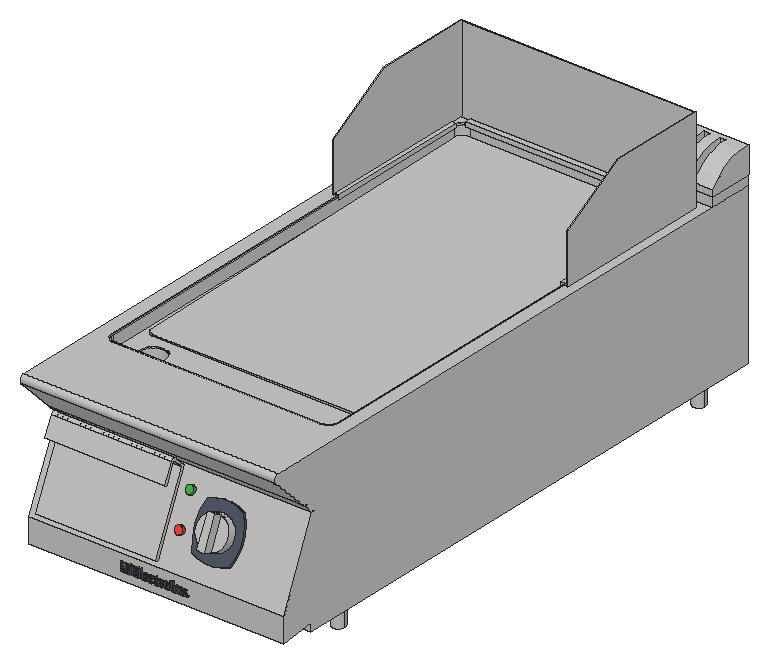
Revit family "QF_ELECTROLUXPROFESSIONAL_391072_E9FTEDCS00", category Specialty Equipment, Revit 2018 (continued)
Automatic sketch dimensions
  Extrusion 22 sketch curve to Extrusion 22 sketch curve = 0.027 mm
  Extrusion 22 sketch curve to Extrusion 22 sketch curve = 2.235 mm
  plane 7 "Center Y" to Extrusion 23 sketch curve = 20.046 mm
  plane 7 "Center Y" to Extrusion 24 sketch curve = 20.046 mm
  Extrusion 25 sketch curve to plane 15 = 0 mm
  Extrusion 25 sketch curve to plane 6 "TOP" = 20 mm
  plane 1 "BACK" to Extrusion 25 sketch curve = 105.406 mm
  Extrusion 25 sketch curve to Extrusion 25 sketch curve = 1.999 mm
  Extrusion 25 sketch curve to plane 6 "TOP" = 9.783 mm
  plane 15 to Extrusion 26 sketch curve = 0 mm  (x4)
  Extrusion 26 sketch curve to plane 15 = 10 mm  (x2)
  plane 13 to Extrusion 26 sketch curve = 21.03 mm  (x2)
  Extrusion 26 sketch curve to Extrusion 26 sketch curve = 0 mm  (x12)
  Extrusion 26 sketch curve to Extrusion 26 sketch curve = 10 mm  (x4)
  plane 14 to Extrusion 26 sketch curve = 31.03 mm  (x2)
  plane 1 "BACK" to Extrusion 26 sketch curve = 115.406 mm  (x2)
  Extrusion 5 sketch curve to Extrusion 1 = 0 mm  (x3)
  Extrusion 1 to Extrusion 5 sketch curve = 69.85 mm
  Extrusion 1 to Extrusion 6 sketch curve = 17.03 mm  (x2)
  Extrusion 1 to Extrusion 6 sketch curve = 83.39 mm
  Extrusion 6 sketch curve to Extrusion 6 sketch curve = 1.588 mm
  Extrusion 1 to Extrusion 7 sketch curve = 37.03 mm
  Extrusion 1 to Extrusion 7 sketch curve = 92.539 mm
  Extrusion 7 sketch curve to Extrusion 7 sketch curve = 15 mm  (x3)
  Extrusion 1 to Extrusion 7 sketch curve = 145.147 mm  (x2)
  Extrusion 1 to Extrusion 7 sketch curve = 22.03 mm
  Extrusion 11 sketch curve to Extrusion 1 = 274.774 mm
  plane 5 "FRONT" to Extrusion 12 sketch curve = 0 mm  (x2)
  Extrusion 12 sketch curve to plane 3 "LEFT" = 0 mm
  Extrusion 12 sketch curve to plane 4 "RIGHT" = 0 mm
  plane 1 "BACK" to Extrusion 12 sketch curve = 0 mm
  Extrusion 12 sketch curve to plane 3 "LEFT" = 100 mm
  Extrusion 12 sketch curve to plane 4 "RIGHT" = 100 mm
  Extrusion 12 sketch curve to plane 1 "BACK" = 100 mm
  curve 97 to plane 3 "LEFT" = 0 mm
  curve 4 to plane 9 = 0 mm
  curve 4 to plane 13 = 0 mm
  plane 15 to curve 19 = 0 mm
  plane 5 "FRONT" to curve 6 = 0 mm
  curve 6 to plane 7 "Center Y" = 0 mm
  curve 7 to plane 4 "RIGHT" = 0 mm
  plane 5 "FRONT" to curve 3 = 0 mm
  plane 5 "FRONT" to curve 1 = 0 mm
  plane 1 "BACK" to curve 9 = 0 mm
  plane 13 to curve 34 = 4.442 mm
  plane 13 to curve 13 = 11.03 mm
  curve 37 to curve 14 = 6.721 mm
  curve 13 to curve 33 = 3.484 mm
  plane 13 to curve 39 = 18.703 mm
  curve 33 to curve 14 = 6.516 mm
  curve 33 to curve 20 = 6.516 mm
  curve 21 to curve 14 = 5 mm
  curve 12 to curve 12 = 15 mm
  curve 40 to curve 41 = 9.296 mm
  curve 19 to curve 19 = 10 mm
  curve 14 to curve 21 = 5 mm
  curve 12 to curve 96 = 14.849 mm
  curve 38 to curve 42 = 16.193 mm
  curve 42 to curve 45 = 9.296 mm
  curve 95 to curve 96 = 20 mm
  plane 1 "BACK" to curve 48 = 6.761 mm
  curve 43 to curve 48 = 16.193 mm
  curve 47 to curve 47 = 9.296 mm
  plane 1 "BACK" to curve 53 = 6.761 mm
  curve 46 to curve 53 = 16.193 mm
  curve 52 to curve 50 = 9.296 mm
  curve 50 to curve 55 = 16.193 mm
  curve 56 to curve 57 = 9.296 mm
  curve 54 to curve 59 = 16.193 mm
  curve 59 to curve 58 = 9.296 mm
  plane 1 "BACK" to curve 65 = 6.761 mm
  curve 58 to curve 65 = 16.193 mm
  curve 65 to plane 7 "Center Y" = 8.071 mm
  plane 7 "Center Y" to curve 66 = 8.121 mm
  curve 66 to curve 68 = 9.296 mm
  curve 68 to curve 92 = 16.143 mm
  curve 91 to curve 94 = 9.296 mm
  plane 1 "BACK" to curve 87 = 6.761 mm
  curve 93 to curve 87 = 16.193 mm
  curve 87 to curve 88 = 9.296 mm
  plane 1 "BACK" to curve 86 = 6.761 mm
  curve 89 to curve 86 = 16.193 mm
  curve 83 to curve 86 = 9.296 mm
  plane 1 "BACK" to curve 82 = 6.761 mm
  curve 85 to curve 82 = 16.193 mm
  curve 79 to curve 81 = 9.296 mm
  curve 77 to plane 16 = 4.487 mm
  plane 16 to curve 75 = 4.809 mm
  plane 16 to curve 23 = 17.97 mm
  plane 16 to curve 18 = 17.97 mm
  plane 1 "BACK" to curve 74 = 6.761 mm
  curve 75 to curve 74 = 16.193 mm
  plane 16 to curve 17 = 22.97 mm
  curve 22 to curve 15 = 5 mm
  curve 71 to curve 70 = 6.969 mm
  curve 25 to curve 25 = 10 mm
  curve 71 to curve 73 = 9.296 mm
  plane 14 to curve 36 = 14.514 mm
  curve 32 to curve 15 = 3.351 mm
  plane 14 to curve 16 = 11.03 mm
  plane 14 to curve 32 = 4.442 mm
  plane 15 to curve 12 = 70 mm
  plane 15 to curve 95 = 36.197 mm
  plane 8 "Center X" to curve 13 = 129.61 mm
  plane 8 "Center X" to curve 36 = 129.61 mm
  plane 1 "BACK" to curve 21 = 115.406 mm
  curve 14 to curve 22 = 2.133 mm
  curve 15 to curve 22 = 2.133 mm
  curve 20 to curve 37 = 9.865 mm
  curve 15 to curve 35 = 1.998 mm
  curve 31 to curve 14 = 2.318 mm
  curve 14 to curve 27 = 10.007 mm
  curve 26 to curve 97 = 13.54 mm
  curve 31 to curve 39 = 19.479 mm
  curve 93 to curve 87 = 57.15 mm
  curve 38 to curve 42 = 0 mm
  curve 92 to curve 89 = 0 mm
  curve 44 to curve 46 = 0 mm
  curve 88 to curve 85 = 0 mm
  curve 46 to curve 50 = 0 mm
  curve 84 to curve 81 = 0 mm
  curve 50 to curve 54 = 0 mm
  curve 80 to curve 78 = 0 mm
  curve 54 to curve 58 = 0 mm
  curve 29 to curve 73 = 19.479 mm
  curve 58 to curve 62 = 0 mm
  curve 62 to curve 69 = 0 mm
  plane 1 "BACK" to curve 67 = 6.761 mm
  plane 1 "BACK" to curve 38 = 6.761 mm
  plane 1 "BACK" to curve 94 = 6.761 mm
  plane 1 "BACK" to curve 61 = 6.761 mm
  plane 1 "BACK" to curve 75 = 6.761 mm
  plane 1 "BACK" to curve 57 = 6.761 mm
  plane 1 "BACK" to curve 44 = 6.761 mm
  radius of Extrusion 2 sketch curve = 9.525 mm  (x4)
  radius of Extrusion 16 sketch curve = 20 mm
  radius of Extrusion 20 sketch curve = 25.4 mm
  radius of Extrusion 21 sketch curve to Extrusion 20 = 0 mm  (x2)
  radius of Extrusion 23 sketch curve = 6.35 mm
  radius of Extrusion 24 sketch curve = 6.35 mm
  radius of Extrusion 11 sketch curve = 6.35 mm
Connectors
  electrical at (340, -585, 19), driven by "Volts", driven by "Watts"
    settings: on Extrusion 11, index 1, voltage 400 V, apparent load 0 VA, apparent load phase1 0 VA, apparent load phase2 0 VA, apparent load phase3 0 VA, power factor 1, load classification "Other", number of poles 1, system type 30, power factor state 1, is connector primary yes, connector utility no, sub classification motor no, connector description "ELECTRICAL CONNECTION"
